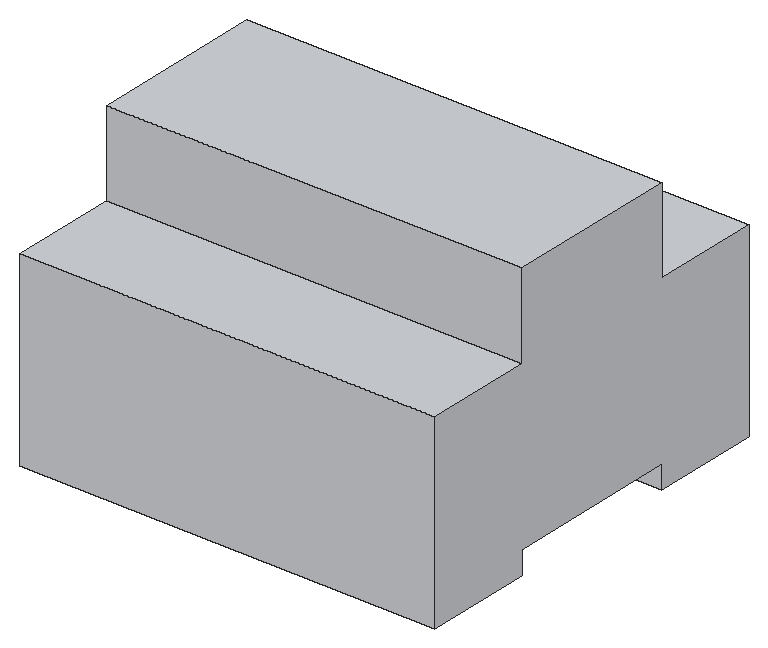
Revit family "Power-ModularDevices-GEWISS-90RCD-BDHP_4P", category Apparecchi elettrici, host Superficie, Revit 2016
Family settings
  Host = Superficie
  Mantenere orientamento annotazione = Sì
  Tipo di parte = Normale
  Quota connettore circolare = Usa diametro
  Numero OmniClass = 23.80.50.00
  Titolo OmniClass = Terminals for Power Supply
  Taglio con vuoti quando caricato = No
  Condiviso = Sì
  Punto di calcolo locali = Sì
Parameters (values of type "GW95512 - HP ADD-ON RCD 4P In 125A ADJ.A 0.3/3 6M")
  potenza in watt = 0 V
  carico = Altro
  Version file RFA = "19.0"
  URL = "https://www.gewiss.com/ww/en"
  Type: = "Adjustable"
  Type = "Adjustable"
  Time = "0 - 150ms"
  Technical sheet = "https://www.gewiss.com/ww/en/search?q=GW95512"
  Stocking temperature = "-40 +70 °C"
  Standard; = "IEC/EN 60947-2 app. B"
  Standard = "EN60947-2 dev. B"
  Spostamento_x = -340 mm
  Section rigid cable = "Max 70 mm²"
  Section flexible cable = "Max 50 mm²"
  SS [instance] = 69.967 mm
  SIMBOLO IN PIANTA [instance] = yes
  SEO = "Add-on RCD"
  Realized by GEWISS S.p.A. = ""
  Rated voltage (IEC/EN 61009-1 app. G, IEC/EN 61009-2-1 app. G) = ""
  Rated voltage (IEC/EN 60947-2 app. B) = "400V"
  Rated voltage = "400V"
  Rated tightening torque = "3.5 / 3 (terminals)"
  Rated residual operating current = "300 - 3000 mA"
  Rated insulation voltage (Ui) = "500V"
  Rated impulse withstand voltage = "4KV"
  Rated frequency (Hz) = "50Hz"
  Rated current: = "125A"
  Rated current (In) = "125A"
  Default Elevation = 1219.2 mm
  Produttore = "GEWISS S.p.A."
  Overvoltage category = "III"
  Operating temperature = "-25 +40 °C"
  Numero di poli_ = 1
  Spost_x_eff [instance] = 4000 mm + Spostamento_x  # 3660 mm
  Number of poles = "4P"
  No. of poles = "4P"
  No. of modules EN 50022 = "6"
  No. modules = "6"
  No. Chorus modules = "6"
  Modello = "GW95512"
  Level of immunity (8/20 Âµs) = "3000A"
  Label = "BDHP"
  Insulation voltage = "500V"
  Immagine tipo = GW95512.jpg
  Idn = "300-3000MA"
  IFC.TypeObject = ""
  IFC.ExportType = ""
  IFC.ExportAs = ""
  IDT = "fbd088cf-bf71-4337-bc4d-c5243847b385"
  IDF = "33a27205-77cd-423f-89ac-8c414bb87739"
  Electrocod = "1412"
  EAN code = "8011564126121"
  Distanza dal piano [instance] = 3 mm
  Descrizione = "HP ADD-ON RCD 4P In<125A ADJ.A 0.3/3 6M"
  Description = "HIGH PERFORMANCE  RESIDUAL CURRENT DEVICE"
  Catalogue Range = "90 RCD"
  Catalogue = "POWER"
  COBie.Tagnumber = ""
  COBie.CreatedOn = ""
  COBie.CreatebBy = ""
  COBie.ComponentRegisterItemID = ""
  COBie.Component.TagNumber = ""
  COBie.Component.Space = ""
  COBie.Component.SerialNumber = ""
  COBie.Component.InstallationDate = ""
  COBie.Component.Description = ""
  COBie.Component.BarCode = ""
  Assembly position: = "Any"
  Adjustable tripping time = "0 - 60 - 150 ms"
Types (8, lengths in mm): name | URL | Type: | Type | Time | Technical sheet | Standard; | Standard | Rated voltage (IEC/EN 61009-1 app. G, IEC/EN 61009-2-1 app. G) | Rated voltage (IEC/EN 60947-2 app. B) | Rated residual operating current | Rated frequency (Hz) | Produttore | Modello | Level of immunity (8/20 Âµs) | Immagine tipo | Idn | IDT | Electrocod | EAN code | Descrizione | Adjustable tripping time
  (no name) | 0 | "" | "" | "" | "" | "" | "" | "" | "" | "" | "" | 0 | 0 | "" | GW95512.jpg | "" | "" | "" | "" | 0 | ""
  GW95512 - HP ADD-ON RCD 4P In 125A ADJ.A 0.3/3 6M | "https://www.gewiss.com/ww/en" | "Adjustable" | "Adjustable" | "0 - 150ms" | "https://www.gewiss.com/ww/en/search?q=GW95512" | "IEC/EN 60947-2 app. B" | "EN60947-2 dev. B" | "" | "400V" | "300 - 3000 mA" | "50Hz" | "GEWISS S.p.A." | "GW95512" | "3000A" | GW95512.jpg | "300-3000MA" | "fbd088cf-bf71-4337-bc4d-c5243847b385" | "1412" | "8011564126121" | "HP ADD-ON RCD 4P In<125A ADJ.A 0.3/3 6M" | "0 - 60 - 150 ms"
  GW95490 - HP ADD-ON RCD 4P In 125A SEL.A/1 6M | "https://www.gewiss.com/ww/en" | "A[S]" | "A(S)" | "" | "https://www.gewiss.com/ww/en/search?q=GW95490" | "IEC/EN 61009-1 app. G, IEC/EN 61009-2-1 app. G" | "EN61009-1 dev. G" | "400 V" | "" | "1000 mA" | "50/60 Hz" | "GEWISS S.p.A." | "GW95490" | "3000A" | GW95490.jpg | "1000MA" | "239736e2-42a2-426a-a84f-45eb1a2e803d" | "1412" | "8011564116702" | "HP ADD-ON RCD 4P In<125A SEL.A/1 6M" | ""
  GW95488 - HP ADD-ON RCD 4P In 125A SEL.A/0.3 6M | "https://www.gewiss.com/ww/en" | "A[S]" | "A(S)" | "" | "https://www.gewiss.com/ww/en/search?q=GW95488" | "IEC/EN 61009-1 app. G, IEC/EN 61009-2-1 app. G" | "EN61009-1 dev. G" | "400 V" | "" | "300 mA" | "50/60 Hz" | "GEWISS S.p.A." | "GW95488" | "3000A" | GW95488.jpg | "300MA" | "e932f905-8ebb-4d1a-9dc3-9b1fab1ec597" | "1412" | "8011564116696" | "HP ADD-ON RCD 4P In<125A SEL.A/0.3 6M" | ""
  GW95458 - HP ADD-ON RCD 4P In 125A IST.A /0.3 6M | "https://www.gewiss.com/ww/en" | "A" | "A" | "" | "https://www.gewiss.com/ww/en/search?q=GW95458" | "IEC/EN 61009-1 app. G, IEC/EN 61009-2-1 app. G" | "EN61009-1 dev. G" | "400 V" | "" | "300 mA" | "50/60 Hz" | "GEWISS S.p.A." | "GW95458" | "250A" | GW95458.jpg | "300MA" | "1b475064-d4ea-4c73-95d4-8c224d97b1d9" | "1413" | "8011564116580" | "HP ADD-ON RCD 4P In<125A IST.A /0.3 6M" | ""
  GW95456 - HP ADD-ON RCD 4P In 125A IST.A /0.03 6M | "https://www.gewiss.com/ww/en" | "A" | "A" | "" | "https://www.gewiss.com/ww/en/search?q=GW95456" | "IEC/EN 61009-1 app. G, IEC/EN 61009-2-1 app. G" | "EN61009-1 dev. G" | "400 V" | "" | "30 mA" | "50/60 Hz" | "GEWISS S.p.A." | "GW95456" | "250A" | GW95456.jpg | "30MA" | "d5025750-cf5a-4bbc-9ad5-9ad04c0afa96" | "1413" | "8011564116573" | "HP ADD-ON RCD 4P In<125A IST.A /0.03 6M" | ""
  GW95428 - HP ADD-ON RCD 4P In 125A IST.AC/0.3 6M | "https://www.gewiss.com/ww/en" | "AC" | "AC" | "" | "https://www.gewiss.com/ww/en/search?q=GW95428" | "IEC/EN 61009-1 app. G, IEC/EN 61009-2-1 app. G" | "EN61009-1 dev. G" | "400 V" | "" | "300 mA" | "50/60 Hz" | "GEWISS S.p.A." | "GW95428" | "250A" | GW95428.jpg | "300MA" | "37cc33c1-2c3f-441c-84c7-029f9522f5fe" | "1413" | "8011564116399" | "HP ADD-ON RCD 4P In<125A IST.AC/0.3 6M" | ""
  GW95426 - HP ADD-ON RCD 4P In 125A IST.AC/0.03 6M | "https://www.gewiss.com/ww/en" | "AC" | "AC" | "" | "https://www.gewiss.com/ww/en/search?q=GW95426" | "IEC/EN 61009-1 app. G, IEC/EN 61009-2-1 app. G" | "EN61009-1 dev. G" | "400 V" | "" | "30 mA" | "50/60 Hz" | "GEWISS S.p.A." | "GW95426" | "250A" | GW95426.jpg | "30MA" | "c9ecfad8-38ae-4b6a-8d8b-3236f2d3ca87" | "1413" | "8011564116375" | "HP ADD-ON RCD 4P In<125A IST.AC/0.03 6M" | ""
Values of the unnamed type that differ from the named types
  Version file RFA = ""
  Stocking temperature = ""
  Section rigid cable = ""
  Section flexible cable = ""
  SEO = ""
  Rated voltage = ""
  Rated tightening torque = ""
  Rated insulation voltage (Ui) = ""
  Rated impulse withstand voltage = ""
  Rated current: = ""
  Rated current (In) = ""
  Overvoltage category = ""
  Operating temperature = ""
  Number of poles = ""
  No. of poles = ""
  No. of modules EN 50022 = ""
  No. modules = ""
  No. Chorus modules = ""
  Label = ""
  Insulation voltage = ""
  IDF = ""
  Description = ""
  Catalogue Range = ""
  Catalogue = ""
  Assembly position: = ""
Reference planes
  plane 1 "Centro (Fronte/Retro)": y = 0
  plane 2: z = 0
  plane 3 "Centro (Sinistra/Destra)": x = 0
  plane 4: z = -7
  plane 5: y = 69.967
  plane 6: z = -10
Dimensions and locks
  "Distanza dal piano": plane 6 to plane 4
  "SS": plane 1 "Centro (Fronte/Retro)" to plane 5
  locked: plane 2 to plane 6 at 10
  aligned and locked: plane 2 to host face
  aligned and locked: level to host face
  aligned and locked: plane 3 "Centro (Sinistra/Destra)" to nested 1
  aligned and locked: plane 1 "Centro (Fronte/Retro)" to nested 1
  aligned and locked: nested 1 to plane 4
Automatic sketch dimensions
  host sketch curve to host sketch curve = 6519.2 mm
  host sketch curve to host sketch curve = 4328.142 mm
Nested families
  nested 1: "GENERICO - BDHP BLOCCO DIFFERENZIALE 4P" at (0, 22.5, -50), type "GENERICO - BDHP BLOCCO DIFFERENZIALE 4P"
Definition of nested family "GENERICO - BDHP BLOCCO DIFFERENZIALE 4P"
  Parameters (values of type "GENERICO - BDHP BLOCCO DIFFERENZIALE 4P")
    h_barra din = if(Altezza barre = 1 mm, 69.9 mm, if(Altezza barre = 2 mm, 115.8 mm, 0 mm))  # 0 mm
    TIPO = 15
    H = if(AB_O = 1, AB_V, if(AB_O = 2, AB_H, 50.8 mm))  # 50.8 mm
    Dist barra din = 0 mm  # constant formula
    C1 = 49 mm  # constant formula
    C = 65 mm  # constant formula
    B = 101 mm  # constant formula
    Altezza barre = 5 mm  # constant formula
    AB_V = 3 mm  # constant formula
    AB_H = 5 mm  # constant formula
    AB_O = 0  # constant formula
    A2 = 12.5 mm  # constant formula
    A = 107 mm  # constant formula
  Reference planes
    plane 1 "Centro (Fronte/Retro)": y = 0
    plane 2: z = 0
    plane 3 "Centro (Sinistra/Destra)": x = 0
    plane 4: y = -50.5
    plane 5: y = 50.5
    plane 6: z = 0
    plane 7: z = -6
    plane 8 "top": z = 65
    plane 9 "incasso": z = 43
    plane 10: y = -22.5
    plane 11: y = 22.5
    plane 12: x = -53.5
    plane 13: x = 53.5
    plane 14: through (4267.2, -42.5, 9) normal (0, -0.1901, 0.9818)
    plane 15: y = -30
    plane 16: y = 30
  Forms (mm)
    Extrusion 1, solid
      sketch origin (0, 0, 0) x (0, 1, 0) y (0, 0, 1)
        loop
          line (-22.5, 0) -> (22.5, 0) -> (22.5, -6) -> (50.5, -6) -> (50.5, 43) -> (22.5, 43) -> (22.5, 65) -> (-22.5, 65) -> (-22.5, 43) -> (-50.5, 43) -> (-50.5, -6) -> (-22.5, -6) -> (-22.5, 0)
      from -53.5 to 53.5
  Lines and regions (mm)
    symbolic lines
      curve 1: line (0, 0, 15) -> (0, 0, -6)
      curve 2: line (0, -22.5, 0) -> (0, 22.5, 0)
    model lines
      curve 3: line (-53.5, -48.052, 43) -> (53.5, -48.052, 43)
      curve 4: line (-34.02, -28.898, 43) -> (-34.02, -25.593, 43)
      curve 5: line (-34.02, -25.593, 43) -> (-23.806, -25.593, 43)
      curve 6: line (-23.806, -25.593, 43) -> (-23.806, -28.898, 43)
      curve 7: line (-23.806, -28.898, 43) -> (-34.02, -28.898, 43)
      curve 194: line (-3.899, -22.5, 65) -> (-3.899, 3.51, 65)
      curve 195: line (-3.899, 3.51, 65) -> (32.324, 3.51, 65)
      curve 196: line (32.324, 3.51, 65) -> (32.324, -22.5, 65)
      curve 197: line (-34.02, -20.947, 65) -> (-34.02, -17.642, 65)
      curve 198: line (-34.02, -17.642, 65) -> (-23.806, -17.642, 65)
      curve 199: line (-23.806, -17.642, 65) -> (-23.806, -20.947, 65)
      curve 200: line (-23.806, -20.947, 65) -> (-34.02, -20.947, 65)
      curve 201: line (-33.967, -10.589, 65) -> (-33.967, 1.517, 65)
      curve 202: line (-33.967, 1.517, 65) -> (-33.782, 2.358, 65)
      curve 203: line (-33.782, 2.358, 65) -> (-33.381, 2.931, 65)
      curve 204: line (-33.381, 2.931, 65) -> (-32.785, 3.342, 65)
      curve 205: line (-32.785, 3.342, 65) -> (-31.967, 3.517, 65)
      curve 206: line (-31.967, 3.517, 65) -> (-25.766, 3.517, 65)
      curve 207: line (-25.766, 3.517, 65) -> (-24.948, 3.342, 65)
      curve 208: line (-24.948, 3.342, 65) -> (-24.352, 2.931, 65)
      curve 209: line (-24.352, 2.931, 65) -> (-23.951, 2.358, 65)
      curve 210: line (-23.951, 2.358, 65) -> (-23.766, 1.517, 65)
      curve 211: line (-23.766, 1.517, 65) -> (-23.766, -10.589, 65)
      curve 212: line (-23.766, -10.589, 65) -> (-23.951, -11.43, 65)
      curve 213: line (-23.951, -11.43, 65) -> (-24.352, -12.003, 65)
      curve 214: line (-24.352, -12.003, 65) -> (-24.948, -12.414, 65)
      curve 215: line (-24.948, -12.414, 65) -> (-25.766, -12.589, 65)
      curve 216: line (-25.766, -12.589, 65) -> (-31.967, -12.589, 65)
      curve 217: line (-31.967, -12.589, 65) -> (-32.785, -12.414, 65)
      curve 218: line (-32.785, -12.414, 65) -> (-33.381, -12.003, 65)
      curve 219: line (-33.381, -12.003, 65) -> (-33.782, -11.43, 65)
      curve 220: line (-33.782, -11.43, 65) -> (-33.967, -10.589, 65)
    model lines, detail levels fine
      curve 8: line (-49.926, -18.623, 65) -> (-49.926, -20.817, 65)
      curve 9: line (-49.926, -20.817, 65) -> (-50.661, -20.817, 65)
      curve 10: line (-50.661, -20.817, 65) -> (-51.088, -20.764, 65)
      curve 11: line (-51.088, -20.764, 65) -> (-51.61, -20.533, 65)
      curve 12: line (-51.61, -20.533, 65) -> (-52.024, -20.148, 65)
      curve 13: line (-52.024, -20.148, 65) -> (-52.298, -19.63, 65)
      curve 14: line (-52.298, -19.63, 65) -> (-52.383, -19.078, 65)
      curve 15: line (-52.383, -19.078, 65) -> (-52.301, -18.569, 65)
      curve 16: line (-52.301, -18.569, 65) -> (-52.081, -18.12, 65)
      curve 17: line (-52.081, -18.12, 65) -> (-51.685, -17.711, 65)
      curve 18: line (-51.685, -17.711, 65) -> (-51.207, -17.462, 65)
      curve 19: line (-51.207, -17.462, 65) -> (-50.669, -17.373, 65)
      curve 20: line (-50.669, -17.373, 65) -> (-49.926, -17.373, 65)
      curve 21: line (-49.926, -17.373, 65) -> (-49.926, -18.32, 65)
      curve 22: line (-49.926, -18.32, 65) -> (-51.175, -18.32, 65)
      curve 23: line (-51.175, -18.32, 65) -> (-51.175, -19.871, 65)
      curve 24: line (-51.175, -19.871, 65) -> (-50.871, -19.871, 65)
      curve 25: line (-50.871, -19.871, 65) -> (-50.871, -18.623, 65)
      curve 26: line (-50.871, -18.623, 65) -> (-49.926, -18.623, 65)
      curve 27: line (-46.955, -20.817, 65) -> (-49.623, -20.817, 65)
      curve 28: line (-49.623, -20.817, 65) -> (-49.623, -17.373, 65)
      curve 29: line (-49.623, -17.373, 65) -> (-48.204, -17.373, 65)
      curve 30: line (-48.204, -17.373, 65) -> (-48.204, -18.319, 65)
      curve 31: line (-48.204, -18.319, 65) -> (-48.678, -18.319, 65)
      curve 32: line (-48.678, -18.319, 65) -> (-48.678, -18.622, 65)
      curve 33: line (-48.678, -18.622, 65) -> (-46.956, -18.622, 65)
      curve 34: line (-46.956, -18.622, 65) -> (-46.956, -19.569, 65)
      curve 35: line (-46.956, -19.569, 65) -> (-48.677, -19.569, 65)
      curve 36: line (-48.677, -19.569, 65) -> (-48.677, -19.871, 65)
      curve 37: line (-48.677, -19.871, 65) -> (-46.955, -19.871, 65)
      curve 38: line (-46.955, -19.871, 65) -> (-46.955, -20.817, 65)
      curve 39: line (-42.13, -20.817, 65) -> (-42.13, -18.622, 65)
      curve 40: line (-42.13, -18.622, 65) -> (-43.076, -18.622, 65)
      curve 41: line (-43.076, -18.622, 65) -> (-43.076, -20.817, 65)
      curve 42: line (-43.076, -20.817, 65) -> (-42.13, -20.817, 65)
      curve 43: line (-45.3, -20.817, 65) -> (-45.016, -19.398, 65)
      curve 44: line (-45.016, -19.398, 65) -> (-44.732, -20.817, 65)
      curve 45: line (-44.732, -20.817, 65) -> (-43.786, -20.817, 65)
      curve 46: line (-43.786, -20.817, 65) -> (-43.199, -18.32, 65)
      curve 47: line (-43.199, -18.32, 65) -> (-42.13, -18.32, 65)
      curve 48: line (-42.13, -18.32, 65) -> (-42.13, -17.373, 65)
      curve 49: line (-42.13, -17.373, 65) -> (-43.947, -17.373, 65)
      curve 50: line (-43.947, -17.373, 65) -> (-44.287, -18.83, 65)
      curve 51: line (-44.287, -18.83, 65) -> (-44.524, -17.373, 65)
      curve 52: line (-44.524, -17.373, 65) -> (-45.508, -17.373, 65)
      curve 53: line (-45.508, -17.373, 65) -> (-45.744, -18.83, 65)
      curve 54: line (-45.744, -18.83, 65) -> (-46.085, -17.373, 65)
      curve 55: line (-46.085, -17.373, 65) -> (-47.901, -17.373, 65)
      curve 56: line (-47.901, -17.373, 65) -> (-47.901, -18.32, 65)
      curve 57: line (-47.901, -18.32, 65) -> (-46.832, -18.32, 65)
      curve 58: line (-46.832, -18.32, 65) -> (-46.247, -20.817, 65)
      curve 59: line (-46.247, -20.817, 65) -> (-45.3, -20.817, 65)
      curve 60: line (-39.16, -17.373, 65) -> (-41.828, -17.373, 65)
      curve 61: line (-41.828, -17.373, 65) -> (-41.828, -19.568, 65)
      curve 62: line (-41.828, -19.568, 65) -> (-40.106, -19.568, 65)
      curve 63: line (-40.106, -19.568, 65) -> (-40.106, -19.871, 65)
      curve 64: line (-40.106, -19.871, 65) -> (-41.828, -19.871, 65)
      curve 65: line (-41.828, -19.871, 65) -> (-41.828, -20.817, 65)
      curve 66: line (-41.828, -20.817, 65) -> (-39.16, -20.817, 65)
      curve 67: line (-39.16, -20.817, 65) -> (-39.16, -18.622, 65)
      curve 68: line (-39.16, -18.622, 65) -> (-40.882, -18.622, 65)
      curve 69: line (-40.882, -18.622, 65) -> (-40.882, -18.32, 65)
      curve 70: line (-40.882, -18.32, 65) -> (-39.16, -18.32, 65)
      curve 71: line (-39.16, -18.32, 65) -> (-39.16, -17.373, 65)
      curve 72: line (-38.857, -17.373, 65) -> (-38.857, -19.568, 65)
      curve 73: line (-38.857, -19.568, 65) -> (-37.251, -19.568, 65)
      curve 74: line (-37.251, -19.568, 65) -> (-37.251, -19.871, 65)
      curve 75: line (-37.251, -19.871, 65) -> (-38.857, -19.871, 65)
      curve 76: line (-38.857, -19.871, 65) -> (-38.857, -20.817, 65)
      curve 77: line (-38.857, -20.817, 65) -> (-37.911, -20.817, 65)
      curve 78: line (-37.911, -20.817, 65) -> (-37.364, -20.642, 65)
      curve 79: line (-37.364, -20.642, 65) -> (-37.012, -20.412, 65)
      curve 80: line (-37.012, -20.412, 65) -> (-36.608, -19.916, 65)
      curve 81: line (-36.608, -19.916, 65) -> (-36.42, -19.361, 65)
      curve 82: line (-36.42, -19.361, 65) -> (-36.415, -18.868, 65)
      curve 83: line (-36.415, -18.868, 65) -> (-36.466, -18.622, 65)
      curve 84: line (-36.466, -18.622, 65) -> (-37.911, -18.622, 65)
      curve 85: line (-37.911, -18.622, 65) -> (-37.911, -18.32, 65)
      curve 86: line (-37.911, -18.32, 65) -> (-36.595, -18.32, 65)
      curve 87: line (-36.595, -18.32, 65) -> (-36.766, -18.034, 65)
      curve 88: line (-36.766, -18.034, 65) -> (-37.012, -17.779, 65)
      curve 89: line (-37.012, -17.779, 65) -> (-37.354, -17.554, 65)
      curve 90: line (-37.354, -17.554, 65) -> (-37.712, -17.423, 65)
      curve 91: line (-37.712, -17.423, 65) -> (-38.114, -17.373, 65)
      curve 92: line (-38.114, -17.373, 65) -> (-38.857, -17.373, 65)
    model lines, detail levels medium+fine
      curve 93: line (-26.208, -39.622, 43) -> (-24.926, -39.965, 43)
      curve 94: line (-24.926, -39.965, 43) -> (-23.987, -40.904, 43)
      curve 95: line (-23.987, -40.904, 43) -> (-23.644, -42.186, 43)
      curve 96: line (-23.644, -42.186, 43) -> (-23.987, -43.468, 43)
      curve 97: line (-23.987, -43.468, 43) -> (-24.926, -44.406, 43)
      curve 98: line (-24.926, -44.406, 43) -> (-26.208, -44.749, 43)
      curve 99: line (-26.208, -44.749, 43) -> (-27.489, -44.406, 43)
      curve 100: line (-27.489, -44.406, 43) -> (-28.428, -43.468, 43)
      curve 101: line (-28.428, -43.468, 43) -> (-28.771, -42.186, 43)
      curve 102: line (-28.771, -42.186, 43) -> (-28.428, -40.904, 43)
      curve 103: line (-28.428, -40.904, 43) -> (-27.489, -39.965, 43)
      curve 104: line (-27.489, -39.965, 43) -> (-26.208, -39.622, 43)
      curve 105: line (-4.78, -39.622, 43) -> (-3.498, -39.965, 43)
      curve 106: line (-3.498, -39.965, 43) -> (-2.559, -40.904, 43)
      curve 107: line (-2.559, -40.904, 43) -> (-2.216, -42.186, 43)
      curve 108: line (-2.216, -42.186, 43) -> (-2.559, -43.468, 43)
      curve 109: line (-2.559, -43.468, 43) -> (-3.498, -44.406, 43)
      curve 110: line (-3.498, -44.406, 43) -> (-4.78, -44.749, 43)
      curve 111: line (-4.78, -44.749, 43) -> (-6.062, -44.406, 43)
      curve 112: line (-6.062, -44.406, 43) -> (-7, -43.468, 43)
      curve 113: line (-7, -43.468, 43) -> (-7.344, -42.186, 43)
      curve 114: line (-7.344, -42.186, 43) -> (-7, -40.904, 43)
      curve 115: line (-7, -40.904, 43) -> (-6.062, -39.965, 43)
      curve 116: line (-6.062, -39.965, 43) -> (-4.78, -39.622, 43)
      curve 117: line (16.648, -39.622, 43) -> (17.93, -39.965, 43)
      curve 118: line (17.93, -39.965, 43) -> (18.868, -40.904, 43)
      curve 119: line (18.868, -40.904, 43) -> (19.212, -42.186, 43)
      curve 120: line (19.212, -42.186, 43) -> (18.868, -43.468, 43)
      curve 121: line (18.868, -43.468, 43) -> (17.93, -44.406, 43)
      curve 122: line (17.93, -44.406, 43) -> (16.648, -44.749, 43)
      curve 123: line (16.648, -44.749, 43) -> (15.366, -44.406, 43)
      curve 124: line (15.366, -44.406, 43) -> (14.428, -43.468, 43)
      curve 125: line (14.428, -43.468, 43) -> (14.084, -42.186, 43)
      curve 126: line (14.084, -42.186, 43) -> (14.428, -40.904, 43)
      curve 127: line (14.428, -40.904, 43) -> (15.366, -39.965, 43)
      curve 128: line (15.366, -39.965, 43) -> (16.648, -39.622, 43)
      curve 129: line (38.076, -39.622, 43) -> (39.358, -39.965, 43)
      curve 130: line (39.358, -39.965, 43) -> (40.296, -40.904, 43)
      curve 131: line (40.296, -40.904, 43) -> (40.64, -42.186, 43)
      curve 132: line (40.64, -42.186, 43) -> (40.296, -43.468, 43)
      curve 133: line (40.296, -43.468, 43) -> (39.358, -44.406, 43)
      curve 134: line (39.358, -44.406, 43) -> (38.076, -44.749, 43)
      curve 135: line (38.076, -44.749, 43) -> (36.794, -44.406, 43)
      curve 136: line (36.794, -44.406, 43) -> (35.856, -43.468, 43)
      curve 137: line (35.856, -43.468, 43) -> (35.512, -42.186, 43)
      curve 138: line (35.512, -42.186, 43) -> (35.856, -40.904, 43)
      curve 139: line (35.856, -40.904, 43) -> (36.794, -39.965, 43)
      curve 140: line (36.794, -39.965, 43) -> (38.076, -39.622, 43)
    model lines, not visible
      curve 141: line (105.973, 75.861, 43) -> (212.973, 75.861, 43)
      curve 142: line (125.452, 95.016, 43) -> (125.452, 98.32, 43)
      curve 143: line (125.452, 98.32, 43) -> (135.667, 98.32, 43)
      curve 144: line (135.667, 98.32, 43) -> (135.667, 95.016, 43)
      curve 145: line (135.667, 95.016, 43) -> (125.452, 95.016, 43)
      curve 221: line (168.247, 102.637, 65) -> (168.247, 128.647, 65)
      curve 222: line (168.247, 128.647, 65) -> (204.469, 128.647, 65)
      curve 223: line (204.469, 128.647, 65) -> (204.469, 102.637, 65)
      curve 224: line (138.125, 104.19, 65) -> (138.125, 107.495, 65)
      curve 225: line (138.125, 107.495, 65) -> (148.34, 107.495, 65)
      curve 226: line (148.34, 107.495, 65) -> (148.34, 104.19, 65)
      curve 227: line (148.34, 104.19, 65) -> (138.125, 104.19, 65)
      curve 228: line (138.179, 114.548, 65) -> (138.179, 126.654, 65)
      curve 229: line (138.179, 126.654, 65) -> (138.364, 127.495, 65)
      curve 230: line (138.364, 127.495, 65) -> (138.765, 128.068, 65)
      curve 231: line (138.765, 128.068, 65) -> (139.361, 128.479, 65)
      curve 232: line (139.361, 128.479, 65) -> (140.179, 128.654, 65)
      curve 233: line (140.179, 128.654, 65) -> (146.38, 128.654, 65)
      curve 234: line (146.38, 128.654, 65) -> (147.198, 128.479, 65)
      curve 235: line (147.198, 128.479, 65) -> (147.794, 128.068, 65)
      curve 236: line (147.794, 128.068, 65) -> (148.194, 127.495, 65)
      curve 237: line (148.194, 127.495, 65) -> (148.38, 126.654, 65)
      curve 238: line (148.38, 126.654, 65) -> (148.38, 114.548, 65)
      curve 239: line (148.38, 114.548, 65) -> (148.194, 113.707, 65)
      curve 240: line (148.194, 113.707, 65) -> (147.794, 113.133, 65)
      curve 241: line (147.794, 113.133, 65) -> (147.198, 112.723, 65)
      curve 242: line (147.198, 112.723, 65) -> (146.38, 112.548, 65)
      curve 243: line (146.38, 112.548, 65) -> (140.179, 112.548, 65)
      curve 244: line (140.179, 112.548, 65) -> (139.361, 112.723, 65)
      curve 245: line (139.361, 112.723, 65) -> (138.765, 113.133, 65)
      curve 246: line (138.765, 113.133, 65) -> (138.364, 113.707, 65)
      curve 247: line (138.364, 113.707, 65) -> (138.179, 114.548, 65)
    model lines, not visible, detail levels medium+fine
      curve 146: line (133.265, 84.292, 43) -> (134.547, 83.948, 43)
      curve 147: line (134.547, 83.948, 43) -> (135.485, 83.01, 43)
      curve 148: line (135.485, 83.01, 43) -> (135.829, 81.728, 43)
      curve 149: line (135.829, 81.728, 43) -> (135.485, 80.446, 43)
      curve 150: line (135.485, 80.446, 43) -> (134.547, 79.507, 43)
      curve 151: line (134.547, 79.507, 43) -> (133.265, 79.164, 43)
      curve 152: line (133.265, 79.164, 43) -> (131.983, 79.507, 43)
      curve 153: line (131.983, 79.507, 43) -> (131.045, 80.446, 43)
      curve 154: line (131.045, 80.446, 43) -> (130.701, 81.728, 43)
      curve 155: line (130.701, 81.728, 43) -> (131.045, 83.01, 43)
      curve 156: line (131.045, 83.01, 43) -> (131.983, 83.948, 43)
      curve 157: line (131.983, 83.948, 43) -> (133.265, 84.292, 43)
      curve 158: line (154.693, 84.292, 43) -> (155.975, 83.948, 43)
      curve 159: line (155.975, 83.948, 43) -> (156.913, 83.01, 43)
      curve 160: line (156.913, 83.01, 43) -> (157.257, 81.728, 43)
      curve 161: line (157.257, 81.728, 43) -> (156.913, 80.446, 43)
      curve 162: line (156.913, 80.446, 43) -> (155.975, 79.507, 43)
      curve 163: line (155.975, 79.507, 43) -> (154.693, 79.164, 43)
      curve 164: line (154.693, 79.164, 43) -> (153.411, 79.507, 43)
      curve 165: line (153.411, 79.507, 43) -> (152.473, 80.446, 43)
      curve 166: line (152.473, 80.446, 43) -> (152.129, 81.728, 43)
      curve 167: line (152.129, 81.728, 43) -> (152.473, 83.01, 43)
      curve 168: line (152.473, 83.01, 43) -> (153.411, 83.948, 43)
      curve 169: line (153.411, 83.948, 43) -> (154.693, 84.292, 43)
      curve 170: line (176.121, 84.292, 43) -> (177.403, 83.948, 43)
      curve 171: line (177.403, 83.948, 43) -> (178.341, 83.01, 43)
      curve 172: line (178.341, 83.01, 43) -> (178.684, 81.728, 43)
      curve 173: line (178.684, 81.728, 43) -> (178.341, 80.446, 43)
      curve 174: line (178.341, 80.446, 43) -> (177.403, 79.507, 43)
      curve 175: line (177.403, 79.507, 43) -> (176.121, 79.164, 43)
      curve 176: line (176.121, 79.164, 43) -> (174.839, 79.507, 43)
      curve 177: line (174.839, 79.507, 43) -> (173.9, 80.446, 43)
      curve 178: line (173.9, 80.446, 43) -> (173.557, 81.728, 43)
      curve 179: line (173.557, 81.728, 43) -> (173.9, 83.01, 43)
      curve 180: line (173.9, 83.01, 43) -> (174.839, 83.948, 43)
      curve 181: line (174.839, 83.948, 43) -> (176.121, 84.292, 43)
      curve 182: line (197.549, 84.292, 43) -> (198.83, 83.948, 43)
      curve 183: line (198.83, 83.948, 43) -> (199.769, 83.01, 43)
      curve 184: line (199.769, 83.01, 43) -> (200.112, 81.728, 43)
      curve 185: line (200.112, 81.728, 43) -> (199.769, 80.446, 43)
      curve 186: line (199.769, 80.446, 43) -> (198.83, 79.507, 43)
      curve 187: line (198.83, 79.507, 43) -> (197.549, 79.164, 43)
      curve 188: line (197.549, 79.164, 43) -> (196.267, 79.507, 43)
      curve 189: line (196.267, 79.507, 43) -> (195.328, 80.446, 43)
      curve 190: line (195.328, 80.446, 43) -> (194.985, 81.728, 43)
      curve 191: line (194.985, 81.728, 43) -> (195.328, 83.01, 43)
      curve 192: line (195.328, 83.01, 43) -> (196.267, 83.948, 43)
      curve 193: line (196.267, 83.948, 43) -> (197.549, 84.292, 43)
  Text (mm)
    text "AB_V" at (0, 50.868, 44.72), in view "Destra"
    text "AB_O" at (0, -80.659, 111.963), in view "Destra"
  Dimensions and locks
    equal spacing: plane 4, plane 1 "Centro (Fronte/Retro)", plane 5
    "B": plane 4 to plane 5
    "Dist barra din": plane 6 to level
    locked: plane 6 to plane 7 at 6
    "C": plane 8 "top" to plane 6
    equal spacing: plane 10, plane 1 "Centro (Fronte/Retro)", plane 11
    plane 10 to plane 11 = 45 mm
    equal spacing: plane 12, plane 3 "Centro (Sinistra/Destra)", plane 13
    "A": plane 12 to plane 13
    "C1": plane 9 "incasso" to plane 7
    plane 4 to plane 10 = 28 mm
    plane 11 to plane 5 = 28 mm
    angle level to plane 14 = 10.9557°
    angle plane 4 to plane 8 "top" = 90.00°
    aligned and locked: level to plane 2
    aligned and locked: Extrusion 1 sketch curve to plane 6
    aligned and locked: Extrusion 1 sketch curve to plane 7
    aligned and locked: Extrusion 1 sketch curve to plane 4
    aligned and locked: Extrusion 1 sketch curve to plane 11  (x2)
    aligned and locked: Extrusion 1 sketch curve to plane 10
    aligned and locked: plane 1 "Centro (Fronte/Retro)" to curve 1
    aligned and locked: Extrusion 1 to plane 6
    aligned and locked: Extrusion 1 to plane 12
    aligned and locked: plane 13 to Extrusion 1
    aligned and locked: plane 10 to Extrusion 1 sketch curve
    aligned and locked: Extrusion 1 sketch curve to plane 5
    aligned and locked: plane 9 "incasso" to Extrusion 1  (x2)
  Automatic sketch dimensions
    curve 2 to level = 0 mm
    curve 2 to plane 10 = 0 mm
    curve 2 to plane 11 = 0 mm
    curve 1 to plane 7 = 0 mm
    level to curve 1 = 15 mm
    Extrusion 1 sketch curve to plane 7 = 0 mm
    Extrusion 1 sketch curve to plane 9 "incasso" = 0 mm  (x2)
    Extrusion 1 sketch curve to plane 8 "top" = 0 mm
    Extrusion 1 to curve 82 = 17.085 mm
    curve 59 to Extrusion 1 = 1.683 mm
    curve 59 to curve 46 = 0 mm
    curve 45 to curve 42 = 0 mm
    curve 38 to curve 59 = 0 mm
    curve 39 to curve 65 = 0 mm
    curve 66 to curve 76 = 0 mm
    curve 27 to curve 8 = 0 mm
    curve 9 to curve 10 = 0.054 mm
    curve 77 to curve 78 = 0.175 mm
    curve 10 to curve 12 = 0.231 mm
    curve 78 to curve 79 = 0.23 mm
    curve 11 to curve 12 = 0.384 mm
    curve 79 to curve 80 = 0.495 mm
    curve 11 to curve 23 = 0.661 mm
    curve 79 to curve 75 = 0.541 mm
    curve 63 to curve 75 = 0 mm
    curve 27 to curve 38 = 0.946 mm
    Extrusion 1 to curve 14 = 1.202 mm
    curve 12 to curve 14 = 0.518 mm
    curve 36 to curve 35 = 0.303 mm
    curve 75 to curve 72 = 0.303 mm
    curve 63 to curve 63 = 0.303 mm
    curve 44 to curve 44 = 1.419 mm
    curve 82 to curve 82 = 0.493 mm
    Extrusion 1 to curve 14 = 1.117 mm
    curve 13 to curve 14 = 0.552 mm
    curve 43 to curve 54 = 0.568 mm
    curve 43 to curve 50 = 0.568 mm
    curve 24 to curve 25 = 1.249 mm
    curve 73 to curve 85 = 0.946 mm
    curve 62 to curve 68 = 0.946 mm
    curve 61 to curve 39 = 0.946 mm
    curve 82 to curve 83 = 0.245 mm
    curve 35 to curve 32 = 0.946 mm
    curve 14 to curve 16 = 0.509 mm
    Extrusion 1 to curve 15 = 1.199 mm
    curve 32 to curve 56 = 0.302 mm
    curve 84 to curve 86 = 0.303 mm
    curve 40 to curve 47 = 0.303 mm
    curve 25 to curve 23 = 0.303 mm
    curve 67 to curve 71 = 0.303 mm
    curve 56 to curve 31 = 0 mm
    curve 15 to curve 16 = 0.449 mm
    Extrusion 1 to curve 17 = 1.419 mm
    curve 86 to curve 87 = 0.286 mm
    curve 87 to curve 89 = 0.255 mm
    Extrusion 1 to curve 17 = 1.815 mm
    curve 16 to curve 17 = 0.41 mm
    curve 88 to curve 89 = 0.225 mm
    Extrusion 1 to curve 18 = 2.293 mm
    curve 17 to curve 18 = 0.249 mm
    curve 89 to curve 91 = 0.131 mm
    curve 18 to curve 19 = 0.089 mm
    curve 20 to curve 28 = 0 mm
    curve 71 to curve 72 = 0 mm
    curve 48 to curve 60 = 0 mm
    curve 29 to curve 56 = 0 mm
    curve 54 to curve 53 = 0 mm
    curve 90 to curve 91 = 0.049 mm
    curve 83 to curve 81 = 0.005 mm
    curve 82 to curve 84 = 0.051 mm
    curve 83 to curve 86 = 0.129 mm
    curve 81 to curve 81 = 0.188 mm
    curve 86 to curve 87 = 0.171 mm
    curve 80 to curve 79 = 0.404 mm
    curve 87 to curve 88 = 0.246 mm
    curve 79 to curve 74 = 0.239 mm
    curve 88 to curve 90 = 0.342 mm
    curve 79 to curve 78 = 0.353 mm
    curve 89 to curve 90 = 0.358 mm
    curve 73 to curve 85 = 0.66 mm
    curve 78 to curve 78 = 0.546 mm
    curve 90 to curve 92 = 0.402 mm
    curve 91 to curve 92 = 0.743 mm
    curve 73 to curve 75 = 0 mm
    curve 72 to curve 71 = 0.303 mm
    curve 76 to curve 66 = 0.303 mm
    curve 75 to curve 63 = 1.249 mm
    curve 62 to curve 69 = 0.776 mm
    curve 62 to curve 65 = 0 mm
    curve 69 to curve 61 = 0.946 mm
    curve 60 to curve 49 = 0.303 mm
    curve 65 to curve 42 = 0.303 mm
    curve 39 to curve 41 = 0.946 mm
    curve 40 to curve 46 = 0.123 mm
    curve 41 to curve 45 = 0.71 mm
    curve 46 to curve 49 = 0.747 mm
    curve 47 to curve 51 = 1.088 mm
    curve 49 to curve 51 = 0.577 mm
    curve 45 to curve 44 = 0.946 mm
    curve 50 to curve 44 = 0.728 mm
    curve 44 to curve 43 = 0.568 mm
    curve 51 to curve 52 = 0.984 mm
    curve 43 to curve 53 = 0.728 mm
    curve 52 to curve 54 = 0.577 mm
    curve 43 to curve 58 = 0.947 mm
    curve 53 to curve 57 = 1.088 mm
    curve 58 to curve 37 = 0.708 mm
    curve 37 to curve 34 = 0 mm
    curve 57 to curve 56 = 1.069 mm
    curve 56 to curve 31 = 0.303 mm
    curve 30 to curve 37 = 0.473 mm
    curve 30 to curve 32 = 0.474 mm
    curve 36 to curve 28 = 0.946 mm
    curve 27 to curve 8 = 0.303 mm
    curve 28 to curve 20 = 0.303 mm
    curve 8 to curve 9 = 0.735 mm
    curve 20 to curve 18 = 0.538 mm
    curve 9 to curve 24 = 0.21 mm
    curve 9 to curve 10 = 0.426 mm
    curve 25 to curve 23 = 0.304 mm
    curve 10 to curve 11 = 0.522 mm
    curve 11 to curve 12 = 0.414 mm
    curve 206 to curve 207 = 0.175 mm
    curve 205 to curve 205 = 0.175 mm
    curve 204 to curve 203 = 0.411 mm
    curve 207 to curve 208 = 0.411 mm
    curve 208 to curve 210 = 0.574 mm
    curve 204 to curve 202 = 0.574 mm
    curve 210 to curve 210 = 0.841 mm
    curve 203 to curve 202 = 0.841 mm
    curve 210 to curve 211 = 12.106 mm
    curve 201 to curve 211 = 0 mm
    curve 201 to curve 220 = 0.841 mm
    curve 211 to curve 212 = 0.841 mm
    curve 212 to curve 213 = 0.574 mm
    curve 219 to curve 218 = 0.574 mm
    curve 218 to curve 218 = 0.411 mm
    curve 213 to curve 215 = 0.411 mm
    curve 214 to curve 216 = 0.175 mm
    curve 214 to curve 199 = 5.228 mm
    curve 198 to curve 199 = 3.305 mm
    curve 197 to curve 201 = 0.054 mm
    curve 201 to curve 203 = 0.185 mm
    curve 201 to curve 220 = 0.185 mm
    curve 202 to curve 204 = 0.401 mm
    curve 219 to curve 218 = 0.401 mm
    curve 203 to curve 205 = 0.596 mm
    curve 218 to curve 217 = 0.596 mm
    curve 204 to curve 205 = 0.818 mm
    curve 217 to curve 216 = 0.818 mm
    curve 205 to curve 206 = 6.201 mm
    curve 216 to curve 215 = 6.201 mm
    curve 206 to curve 208 = 0.818 mm
    curve 215 to curve 215 = 0.818 mm
    curve 207 to curve 209 = 0.596 mm
    curve 214 to curve 213 = 0.596 mm
    curve 213 to curve 213 = 0.401 mm
    curve 208 to curve 210 = 0.401 mm
    curve 215 to curve 199 = 1.96 mm
    curve 210 to curve 210 = 0.185 mm
    curve 210 to curve 195 = 19.867 mm
    curve 199 to curve 194 = 1.553 mm
    curve 196 to curve 194 = 26.01 mm
    curve 194 to curve 195 = 36.222 mm
    curve 195 to curve 196 = 26.01 mm
    curve 233 to curve 234 = 0.175 mm
    curve 232 to curve 232 = 0.175 mm
    curve 231 to curve 230 = 0.411 mm
    curve 234 to curve 235 = 0.411 mm
    curve 235 to curve 237 = 0.574 mm
    curve 231 to curve 229 = 0.574 mm
    curve 237 to curve 237 = 0.841 mm
    curve 230 to curve 229 = 0.841 mm
    curve 237 to curve 238 = 12.106 mm
    curve 228 to curve 238 = 0 mm
    curve 228 to curve 247 = 0.841 mm
    curve 238 to curve 239 = 0.841 mm
    curve 239 to curve 240 = 0.574 mm
    curve 246 to curve 245 = 0.574 mm
    curve 245 to curve 245 = 0.411 mm
    curve 240 to curve 242 = 0.411 mm
    curve 241 to curve 243 = 0.175 mm
    curve 241 to curve 226 = 5.228 mm
    curve 225 to curve 226 = 3.305 mm
    curve 224 to curve 228 = 0.054 mm
    curve 228 to curve 230 = 0.185 mm
    curve 228 to curve 247 = 0.185 mm
    curve 229 to curve 231 = 0.401 mm
    curve 246 to curve 245 = 0.401 mm
    curve 230 to curve 232 = 0.596 mm
    curve 245 to curve 244 = 0.596 mm
    curve 231 to curve 232 = 0.818 mm
    curve 244 to curve 243 = 0.818 mm
    curve 232 to curve 233 = 6.201 mm
    curve 243 to curve 242 = 6.201 mm
    curve 233 to curve 235 = 0.818 mm
    curve 242 to curve 242 = 0.818 mm
    curve 234 to curve 236 = 0.596 mm
    curve 241 to curve 240 = 0.596 mm
    curve 240 to curve 240 = 0.401 mm
    curve 235 to curve 237 = 0.401 mm
    curve 242 to curve 226 = 1.96 mm
    curve 237 to curve 237 = 0.185 mm
    curve 237 to curve 222 = 19.867 mm
    curve 226 to curve 221 = 1.553 mm
    curve 223 to curve 221 = 26.01 mm
    curve 221 to curve 222 = 36.222 mm
    curve 222 to curve 223 = 26.01 mm
    curve 4 to curve 7 = 3.305 mm
    curve 129 to curve 140 = 0.343 mm
    curve 93 to curve 104 = 0.343 mm
    curve 105 to curve 116 = 0.343 mm
    curve 105 to curve 105 = 0.343 mm
    curve 117 to curve 128 = 0.343 mm
    curve 129 to curve 129 = 0.343 mm
    curve 117 to curve 118 = 0.343 mm
    curve 93 to curve 93 = 0.343 mm
    curve 103 to curve 102 = 0.938 mm
    curve 105 to curve 106 = 0.938 mm
    curve 129 to curve 130 = 0.938 mm  (x2)
    curve 127 to curve 127 = 0.938 mm
    curve 139 to curve 138 = 0.938 mm
    curve 93 to curve 95 = 0.938 mm
    curve 115 to curve 115 = 0.938 mm
    curve 114 to curve 114 = 1.282 mm
    curve 102 to curve 102 = 1.282 mm
    curve 106 to curve 107 = 1.282 mm
    curve 94 to curve 95 = 1.282 mm
    curve 126 to curve 126 = 1.282 mm
    curve 138 to curve 138 = 1.282 mm
    curve 130 to curve 131 = 1.282 mm
    curve 118 to curve 119 = 1.282 mm
    curve 119 to curve 120 = 1.282 mm
    curve 137 to curve 136 = 1.282 mm
    curve 131 to curve 133 = 1.282 mm
    curve 107 to curve 109 = 1.282 mm
    curve 95 to curve 97 = 1.282 mm
    curve 101 to curve 101 = 1.282 mm
    curve 124 to curve 124 = 0.938 mm  (x2)
    curve 100 to curve 100 = 0.938 mm
    curve 112 to curve 112 = 0.938 mm
    curve 96 to curve 98 = 0.938 mm
    curve 120 to curve 122 = 0.938 mm
    curve 136 to curve 135 = 0.938 mm
    curve 111 to curve 110 = 0.343 mm
    curve 133 to curve 134 = 0.343 mm
    curve 123 to curve 122 = 0.343 mm
    curve 99 to curve 98 = 0.343 mm
    curve 101 to curve 102 = 0.343 mm
    curve 101 to curve 101 = 0.343 mm
    curve 102 to curve 103 = 0.938 mm
    curve 100 to curve 99 = 0.938 mm
    curve 99 to curve 99 = 1.282 mm
    curve 103 to curve 93 = 1.282 mm
    curve 98 to curve 97 = 1.282 mm
    curve 93 to curve 93 = 1.282 mm
    curve 97 to curve 97 = 0.938 mm
    curve 93 to curve 94 = 0.938 mm
    curve 96 to curve 96 = 0.343 mm
    curve 113 to curve 113 = 0.343 mm
    curve 113 to curve 114 = 0.343 mm
    curve 112 to curve 111 = 0.938 mm
    curve 114 to curve 116 = 0.938 mm
    curve 115 to curve 105 = 1.282 mm
    curve 111 to curve 111 = 1.282 mm
    curve 110 to curve 109 = 1.282 mm
    curve 105 to curve 105 = 1.282 mm
    curve 105 to curve 107 = 0.938 mm
    curve 109 to curve 108 = 0.938 mm
    curve 108 to curve 107 = 0.343 mm
    curve 125 to curve 125 = 0.343 mm
    curve 125 to curve 127 = 0.343 mm
    curve 126 to curve 127 = 0.938 mm
    curve 123 to curve 122 = 1.282 mm
    curve 127 to curve 117 = 1.282 mm
    curve 122 to curve 121 = 1.282 mm
    curve 117 to curve 118 = 1.282 mm
    curve 117 to curve 119 = 0.938 mm  (x2)
    curve 121 to curve 120 = 0.938 mm
    curve 120 to curve 120 = 0.343 mm
    curve 137 to curve 137 = 0.343 mm
    curve 137 to curve 138 = 0.343 mm
    curve 136 to curve 136 = 0.938 mm
    curve 139 to curve 140 = 1.282 mm
    curve 135 to curve 135 = 1.282 mm
    curve 129 to curve 129 = 1.282 mm
    curve 134 to curve 133 = 1.282 mm
    curve 133 to curve 133 = 0.938 mm
    curve 132 to curve 131 = 0.343 mm
    curve 4 to curve 101 = 5.249 mm
    curve 3 to curve 101 = 24.729 mm
    curve 4 to curve 6 = 10.215 mm
    curve 6 to curve 104 = 10.724 mm
    curve 95 to curve 114 = 16.3 mm
    curve 105 to curve 125 = 2.564 mm
    curve 107 to curve 126 = 16.3 mm
    curve 113 to curve 112 = 1.282 mm
    curve 108 to curve 110 = 0.938 mm
    curve 125 to curve 124 = 1.282 mm
    curve 116 to curve 95 = 2.564 mm
    curve 119 to curve 138 = 16.3 mm
    curve 129 to curve 119 = 2.564 mm
    curve 101 to curve 3 = 5.867 mm
    curve 132 to curve 3 = 13.204 mm
    curve 132 to curve 133 = 0.938 mm
    curve 138 to curve 140 = 0.938 mm
    curve 142 to curve 145 = 3.305 mm
    curve 182 to curve 193 = 0.343 mm
    curve 146 to curve 157 = 0.343 mm
    curve 158 to curve 169 = 0.343 mm
    curve 158 to curve 158 = 0.343 mm
    curve 170 to curve 181 = 0.343 mm
    curve 182 to curve 182 = 0.343 mm
    curve 170 to curve 171 = 0.343 mm
    curve 146 to curve 146 = 0.343 mm
    curve 156 to curve 155 = 0.938 mm
    curve 158 to curve 159 = 0.938 mm
    curve 182 to curve 183 = 0.938 mm  (x2)
    curve 180 to curve 180 = 0.938 mm
    curve 192 to curve 191 = 0.938 mm
    curve 146 to curve 148 = 0.938 mm
    curve 168 to curve 168 = 0.938 mm
    curve 167 to curve 167 = 1.282 mm
    curve 155 to curve 155 = 1.282 mm
    curve 159 to curve 160 = 1.282 mm
    curve 147 to curve 148 = 1.282 mm
    curve 179 to curve 179 = 1.282 mm
    curve 191 to curve 191 = 1.282 mm
    curve 183 to curve 184 = 1.282 mm
    curve 171 to curve 172 = 1.282 mm
    curve 172 to curve 173 = 1.282 mm
    curve 190 to curve 189 = 1.282 mm
    curve 184 to curve 186 = 1.282 mm
    curve 160 to curve 162 = 1.282 mm
    curve 148 to curve 150 = 1.282 mm
    curve 154 to curve 154 = 1.282 mm
    curve 177 to curve 177 = 0.938 mm  (x2)
    curve 153 to curve 153 = 0.938 mm
    curve 165 to curve 165 = 0.938 mm
    curve 149 to curve 151 = 0.938 mm
    curve 173 to curve 175 = 0.938 mm
    curve 189 to curve 188 = 0.938 mm
    curve 164 to curve 163 = 0.343 mm
    curve 186 to curve 187 = 0.343 mm
    curve 176 to curve 175 = 0.343 mm
    curve 152 to curve 151 = 0.343 mm
    curve 154 to curve 155 = 0.343 mm
    curve 154 to curve 154 = 0.343 mm
    curve 155 to curve 156 = 0.938 mm
    curve 153 to curve 152 = 0.938 mm
    curve 152 to curve 152 = 1.282 mm
    curve 156 to curve 146 = 1.282 mm
    curve 151 to curve 150 = 1.282 mm
    curve 146 to curve 146 = 1.282 mm
    curve 150 to curve 150 = 0.938 mm
    curve 146 to curve 147 = 0.938 mm
    curve 149 to curve 149 = 0.343 mm
    curve 166 to curve 166 = 0.343 mm
    curve 166 to curve 167 = 0.343 mm
    curve 165 to curve 164 = 0.938 mm
    curve 167 to curve 169 = 0.938 mm
    curve 168 to curve 158 = 1.282 mm
    curve 164 to curve 164 = 1.282 mm
    curve 163 to curve 162 = 1.282 mm
    curve 158 to curve 158 = 1.282 mm
    curve 158 to curve 160 = 0.938 mm
    curve 162 to curve 161 = 0.938 mm
    curve 161 to curve 160 = 0.343 mm
    curve 178 to curve 178 = 0.343 mm
    curve 178 to curve 180 = 0.343 mm
    curve 179 to curve 180 = 0.938 mm
    curve 176 to curve 175 = 1.282 mm
    curve 180 to curve 170 = 1.282 mm
    curve 175 to curve 174 = 1.282 mm
    curve 170 to curve 171 = 1.282 mm
    curve 170 to curve 172 = 0.938 mm  (x2)
    curve 174 to curve 173 = 0.938 mm
    curve 173 to curve 173 = 0.343 mm
    curve 190 to curve 190 = 0.343 mm
    curve 190 to curve 191 = 0.343 mm
    curve 189 to curve 189 = 0.938 mm
    curve 192 to curve 193 = 1.282 mm
    curve 188 to curve 188 = 1.282 mm
    curve 182 to curve 182 = 1.282 mm
    curve 187 to curve 186 = 1.282 mm
    curve 186 to curve 186 = 0.938 mm
    curve 185 to curve 184 = 0.343 mm
    curve 142 to curve 154 = 5.249 mm
    curve 141 to curve 154 = 24.729 mm
    curve 142 to curve 144 = 10.215 mm
    curve 144 to curve 157 = 10.724 mm
    curve 148 to curve 167 = 16.3 mm
    curve 158 to curve 178 = 2.564 mm
    curve 160 to curve 179 = 16.3 mm
    curve 166 to curve 165 = 1.282 mm
    curve 161 to curve 163 = 0.938 mm
    curve 178 to curve 177 = 1.282 mm
    curve 169 to curve 148 = 2.564 mm
    curve 172 to curve 191 = 16.3 mm
    curve 182 to curve 172 = 2.564 mm
    curve 154 to curve 141 = 5.867 mm
    curve 185 to curve 141 = 13.204 mm
    curve 185 to curve 186 = 0.938 mm
    curve 191 to curve 193 = 0.938 mm
